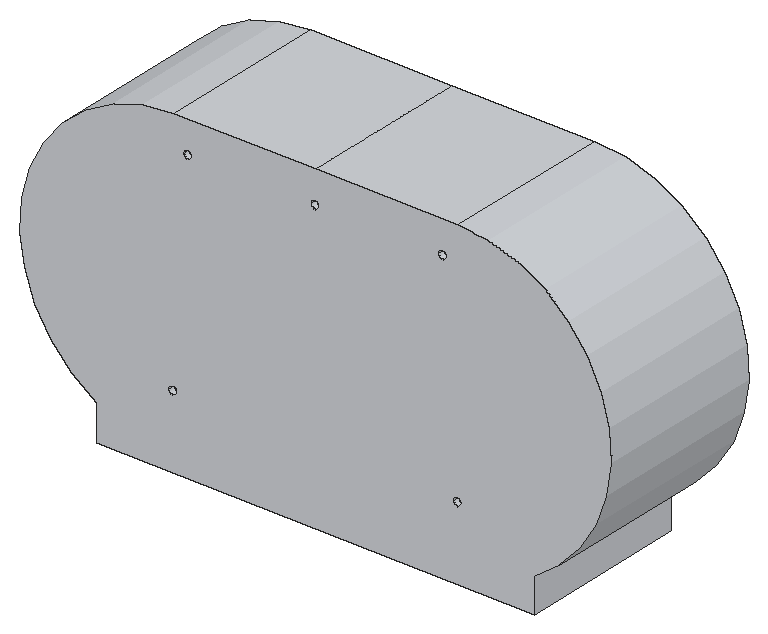
Revit family "AX8608_0010", category Appareils sanitaires, Revit 2016
Family settings
  Hôte = Mur
  Type d'élément = Normal
  Cote de connecteur circulaire = Utiliser le diamètre
  Numéro OmniClass = 23.75.00.00
  Titre OmniClass = Climate Control (HVAC)
  Toujours verticalement = Oui
  Couper avec des vides une fois chargée = Non
  Partagée = Non
  Point de calcul de pièce = Non
Parameters (values of type "Type 1")
  URL = "http://www.axeuro.com/fr/distributeurs-de-papier-toilette/24242-double-distributeur-de-papier-toilette-ax8608.html?search_query=ax8608&results=1"
  Type de produit / Type of product = "Double distributeur de papier toilette / Doble toilet tissue dispenser"  # constant formula
  Référence / Reference = "AX8608"  # constant formula
  Model = ""
  Manufacturer = ""
  Entreprise /Company = "Axeuro"  # constant formula
  Description = ""
Reference planes
  plane 1 "Mur": y = 0
  plane 2 "Centre (gauche/droite)": x = 0
  plane 3 "Arrière": y = 75
Forms (mm)
  Extrusion 1, solid
    sketch origin (0, 75, 0) x (1, 0, 0) y (0, 0, 1)
      loop
        line (0, 2413.976) -> (125.588, 2413.976)
        arc (125.588, 2413.976) -> (260.588, 2548.976) -> (125.588, 2683.976) r 135
        line (125.588, 2683.976) -> (0, 2683.976) -> (-124.412, 2683.976)
        arc (-124.412, 2683.976) -> (-259.412, 2548.976) -> (-124.412, 2413.976) r 135
        line (-124.412, 2413.976) -> (0, 2413.976)
    from -150 to 0
  Extrusion 2, void
    sketch origin (0, 77.988, 0) x (1, 0, 0) y (0, 0, 1)
      loop
        line (0, 2555.674) -> (-82.338, 2555.674)
        arc (-82.338, 2555.674) -> (-88.842, 2549.17) -> (-82.338, 2542.666) r 6.504
        line (-82.338, 2542.666) -> (0, 2542.666) -> (82.338, 2542.666)
        arc (82.338, 2542.666) -> (88.842, 2549.17) -> (82.338, 2555.674) r 6.504
        line (82.338, 2555.674) -> (0, 2555.674)
    from -147.012 to -141.389
  Extrusion 3, solid
    sketch origin (0, 0, 0) x (1, 0, 0) y (0, 1, 0)
      loop
        line (-192.467, 225) -> (-192.467, 75) -> (192.467, 75) -> (192.467, 225) -> (-192.467, 225)
      loop
        line (-190.767, 223.3) -> (-190.767, 76.7) -> (190.767, 76.7) -> (190.767, 223.3) -> (-190.767, 223.3)
    from 2400.976 to 2433.976
  Extrusion 4, void
    sketch origin (60, 0, 0) x (1, 0, 0) y (0, 0, 1)
      loop
        circle (-60, 2655.972) r 3.5
    from -80.329 to -75
  Extrusion 5, void
    sketch origin (-51.97, 0, 0) x (1, 0, 0) y (0, 0, 1)
      loop
        circle (-60, 2655.972) r 3.5
    from -80.329 to -75
  Extrusion 6, void
    sketch origin (51.97, 0, 0) x (-1, 0, 0) y (0, 0, -1)
      loop
        circle (-60, -2655.972) r 3.5
    from -80.329 to -75
  Extrusion 7, void
    sketch origin (65, 0, -190) x (-1, 0, 0) y (0, 0, -1)
      loop
        circle (-60, -2655.972) r 3.5
    from -80.329 to -75
  Extrusion 8, void
    sketch origin (-65, 0, -190) x (1, 0, 0) y (0, 0, 1)
      loop
        circle (-60, 2655.972) r 3.5
    from -80.329 to -75
  Extrusion 9, solid
    sketch origin (0, 76.288, 36.956) x (1, 0, 0) y (0, 0, 1)
      loop
        line (84.117, 2388.56) -> (69.117, 2388.56) -> (69.117, 2338.02) -> (84.117, 2338.02) -> (84.117, 2388.56)
    from -147.012 to -131.997
Cuts and joins
  Extrusion 2, Extrusion 4, Extrusion 5, Extrusion 6, Extrusion 7, Extrusion 8 cuts Extrusion 1
  joined: Extrusion 1, Extrusion 3
Text (mm)
  text "Côté de la mise en place" at (-1820.995, 1116.779, 0), in view "Niveau de réf."
  text "Côté de la mise en place" at (0, 1334.055, 2976.191), in view "Gauche"
  text "Côté de la mise en place" at (0, 893.571, 2920.549), in view "Droite"
Dimensions and locks
  locked: plane 3 "Arrière" to host wall
  aligned and locked: plane 1 "Mur" to host wall
